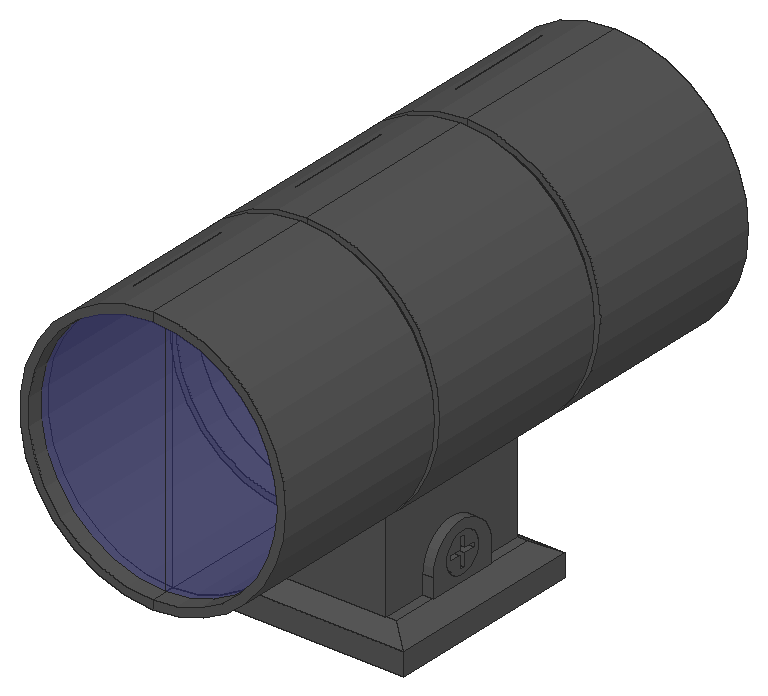
Revit family "CARLO CYLINDER LIGHT WALL MOUNT", category Lighting Fixtures, host Face, Revit 2020 (continued)
Types (10): name | Wattage_Input | Wattage Comments | Wattage | Photometric Web File | built-in parameter 1150142 | Model | built-in parameter 1150105 | Lumens | Light Length 1 | LIGHT RADIUS | LIGHT PLACEMENT | LIGHT LENGTH | LIGHT DIA | built-in parameter 1150106 | FIXED END HEIGHT | Curve base Height | Base Curve | BEAMING ANGLE | Apparent Load
     3.6 3.9118 4.2635 \r\n 4.6585 5.1009 5.5919 6.1326 6.7269 7.3862 8.0893 8.8114 9.5746 10.402 \r\n 11.266 12.138 13.036 13.953 14.934 16.023 17.204 18.448 19.836 21.353 \r\n 23.266 26.04 29.063 31.782 34.478 37.231 40.101 43.014 46.452 49.51 \r\n 56.279 72.625 92.33 109.25 129.04 157.16 188.02 217.08 246.56 277.74 \r\n 308.87 338.56 367.03 394.59 419.52 440.49 456.56 465.07 469.89 474.07 \r\n 477.42 480.85 484.09 487.13 490.06 493.07 495.93 498.32 500.69 503.45 \r\n 506.42 509.55 512.77 515.95 519.26 522.8 526.68 531.1 535.91 540.89 \r\n 546.5 553.11 560.84 569.76 580.32 592.82 607.7 625.18 646.15 671.41 \r\n 701.47 736.73 778.25 825.35 883.58 962.5 1049.4 1129.5 1218.8 1330.6 \r\n 1458.3 1599.9 1755.4 1925 2105 2292.4 2485.4 2681.5 2880 3079.6 \r\n 3279.4 3478.6 3674.6 3865.6 4048.4 4217.9 4377.3 4528.5 4669.9 4800.8 \r\n 4921.1 5031.2 5128.5 5209.9 5277.3 5330.2 5372.2 5407.6 5433.9 5449.8 \r\n 5509.6 \r\n5444.5 5387.8 5336.8 5278.6 5207.2 5115.6 5008.6 4888.9 4756 4610.7 \r\n 4451.1 4273.8 4083.8 3884.2 3677.1 3464.2 3250.2 3042 2835.6 2629.1 \r\n 2423.3 2214.7 2013.6 1828.9 1661.5 1517.3 1389.9 1275.1 1172.4 1079.2 \r\n 996.46 924.45 862.17 809.09 764.13 726.38 694.78 668.23 645.83 626.31 \r\n 609.59 595.18 583.06 573.23 565.12 558.24 552.33 546.92 542.17 538.22 \r\n 534.62 530.93 527.32 523.75 520.38 517.46 514.63 511.56 508.37 505.04 \r\n 501.64 498.23 494.94 492.05 489.3 486.55 483.8 481.12 478.19 474.66 \r\n 470.71 466.69 461.75 456.09 446.93 430.72 410.02 386.12 359.28 329.76 \r\n 298.82 267.85 236.75 205.71 175.22 145.42 117.56 92.508 71.428 56.087 \r\n 45.51 40.366 37.489 33.376 29.702 27.096 25.185 23.937 22.957 21.761 \r\n 20.571 19.464 18.393 17.34 16.299 15.252 14.223 13.229 12.271 11.358 \r\n 10.477 9.6091 8.7791 8.0044 7.287 6.6356 6.0483 5.5308 5.0697 4.6496 \r\n 4.2824 3.9824 3.7264 3.4963 3.2903 3.0998 2.9266 2.7695 2.6288 2.5062 \r\n 2.3962 2.2944 2.1986 2.1028 2.0138 1.9396 1.8701 1.7956 1.7242 1.663 \r\n 1.6051 1.5453 1.4855 1.4254 1.3662 1.3095 1.2542 1.1991 1.1459 1.0973 \r\n 1.0495 0.99873 0.94807 0.89907 0.85278 0.81181 0.773 0.7331 0.69498 0.66186 \r\n 0.62943 0.59317 0.55705 0.52488 0.4927 0.45717 0.42105 0.38738 0.35206 0.31019 \r\n 0.26713 0.22783 0.18858 0.14496 0.10409 0.073494 0.04752 0.020225 0 0 \r\n 0 0 0.00015856 0.0022962 0.016821 0.064157 0.11608 0.14697 0.16945 0.18554 \r\n 0.20145 0.22601 0.25337 0.28022 0.30766 0.33606 0.36423 0.39029 0.41665 0.44594 \r\n 0.47568 0.50798 0.54228 0.5792 0.61736 0.65491 0.69392 0.73636 0.78067 0.82612 \r\n 0.87219 0.91721 0.96393 1.0154 1.0691 1.1244 1.1795 1.231 1.2841 1.3448 \r\n 1.4079 1.4694 1.5324 1.5984 1.6687 1.7441 1.8273 1.9232 2.0258 2.1283 \r\n 2.2387 2.3634 2.5015 2.6511 2.8214 3.0196 3.2489 3.5164 3.8173 4.144 \r\n 4.5122 4.9379 5.4136 5.9352 6.51 7.151 7.8379 8.5483 9.3017 10.12 \r\n 10.974 11.837 12.722 13.62 14.575 15.64 16.784 17.977 19.272 20.589 \r\n 22.305 24.983 27.976 30.768 33.529 36.182 38.949 42.068 45.412 47.442 \r\n 52.63 66.829 84.361 99.657 118.24 145.7 176.23 205.16 234.62 265.66 \r\n 296.76 326.61 355.58 384.2 410.65 433.75 452.06 462.47 468.68 473.21 \r\n 476.54 480.15 483.57 486.77 489.83 492.9 495.79 498.18 500.56 503.39 \r\n 506.41 509.55 512.76 515.94 519.19 522.52 526.14 530.33 534.87 539.47 \r\n 544.64 550.74 557.89 566.19 576 587.57 601.33 617.49 636.95 660.49 \r\n 688.64 721.96 761.16 805.26 859.83 934.23 1016.2 1091.3 1175.5 1281.9 \r\n 1404.3 1541 1691.4 1855.5 2030.6 2215.1 2406.8 2603.4 2803 3002.6 \r\n 3202.4 3402.3 3599.9 3794.6 3981.8 4155.9 4319.7 4474.5 4619.5 4754.1 \r\n 4878.7 4995 5098.9 5185.6 5257.8 5315.1 5361.2 5400.3 5430.2 5450.1 \r\n 5509.6 \r\n5444.5 5379.3 5324.8 5262.4 5186.8 5091.9 4981.9 4859.2 4723.2 4574.9 \r\n 4412.5 4233.4 4041.6 3838.9 3628.8 3414.4 3199.4 2989.5 2781.9 2576 \r\n 2372 2167.1 1970.3 1789.2 1624.9 1482.5 1358.4 1252.3 1158.1 1068.5 \r\n 986.39 911.33 846.14 795.13 753.3 717.06 686.54 661.04 639.54 620.83 \r\n 604.85 591.17 579.67 570.21 562.36 555.69 549.98 544.88 540.39 536.53 \r\n 532.99 529.45 525.97 522.42 519.02 516.08 513.23 510.19 507.06 503.84 \r\n 500.61 497.44 494.39 491.58 488.91 486.34 483.72 480.89 477.76 474.2 \r\n 470.18 466.14 460.58 452.7 440.88 422.38 399.69 374.35 346.49 316.35 \r\n 285.06 253.78 222.56 191.51 161.69 134.32 108.99 84.766 64.453 51.374 \r\n 43.042 38.881 36.481 32.682 29.162 26.676 24.83 23.611 22.629 21.407 \r\n 20.192 19.104 18.059 17.008 15.966 14.926 13.908 12.933 11.994 11.093 \r\n 10.222 9.3652 8.5473 7.7887 7.0888 6.4532 5.883 5.387 4.9475 4.5464 \r\n 4.1936 3.8978 3.6434 3.4194 3.2208 3.0393 2.8747 2.7238 2.5881 2.4693 \r\n 2.3624 2.2631 2.1699 2.0779 1.9922 1.9186 1.8495 1.7772 1.708 1.6479 \r\n 1.5906 1.5314 1.4722 1.413 1.3547 1.2984 1.2433 1.1884 1.1352 1.0857 \r\n 1.0368 0.98473 0.9333 0.88499 0.83971 0.79938 0.76039 0.71831 0.67756 0.64263 \r\n 0.60892 0.57211 0.53589 0.50395 0.47194 0.43687 0.40109 0.36676 0.33141 0.29224 \r\n 0.25239 0.21473 0.17714 0.13731 0.098637 0.062772 0.032639 0.012195 0 0 \r\n 0 0 0.00012592 0 0.010128 0.050584 0.096887 0.12867 0.15367 0.17024 \r\n 0.18612 0.21061 0.23736 0.2622 0.28787 0.3166 0.34567 0.37233 0.39887 0.42715 \r\n 0.45576 0.48624 0.51863 0.55388 0.59088 0.62809 0.66776 0.71285 0.75962 0.80487 \r\n 0.84993 0.89407 0.94033 0.99294 1.0476 1.101 1.1543 1.2063 1.2603 1.3206 \r\n 1.3834 1.4453 1.509 1.5755 1.6457 1.7197 1.801 1.8952 1.9958 2.095 \r\n 2.2023 2.326 2.4627 2.6082 2.7732 2.9665 3.1894 3.4486 3.7378 4.0456 \r\n 4.3943 4.8056 5.2697 5.7839 6.3486 6.9634 7.627 8.339 9.0959 9.8981 \r\n 10.734 11.589 12.469 13.367 14.315 15.343 16.447 17.627 18.893 20.126 \r\n 21.709 24.158 26.955 29.75 32.553 35.179 37.866 40.852 43.959 45.833 \r\n 50.242 61.739 76.616 91.382 109.94 136.7 166.65 195.75 225.45 256.24 \r\n 287.08 316.99 346.28 375.6 403 427.23 446.93 459.4 467.42 472.37 \r\n 475.69 479.46 483.03 486.46 489.73 492.87 495.81 498.34 500.87 503.83 \r\n 506.95 510.15 513.38 516.59 519.79 522.87 526.17 530.05 534.27 538.53 \r\n 543.32 549.03 555.74 563.59 572.86 583.76 596.68 611.78 629.99 652.18 \r\n 678.77 710.25 747.31 789.23 840.66 909.06 985.18 1057.9 1140.2 1242.9 \r\n 1361.2 1493.9 1640.3 1799.9 1970.9 2152.1 2341.8 2539.1 2740 2940 \r\n 3139.9 3339.9 3538.2 3734.7 3924.5 4102.5 4270.6 4429.2 4577.9 4715.8 \r\n 4844 4965.5 5074.5 5165.5 5241.7 5303.5 5353.8 5395.9 5428.5 5451.5 \r\n 5509.6 \r\n5444.5 5370.9 5313 5246.7 5167.2 5069.3 4956.6 4831.2 4692.5 4541.1 \r\n 4376 4195.6 4002.4 3796.7 3583.7 3367.9 3151.9 2940 2731.1 2525.4 \r\n 2323.2 2122.5 1930.4 1752.7 1591.3 1450.5 1329.2 1231.6 1146 1060.4 \r\n 979.42 901.22 832.71 783 743.55 708.56 679.04 654.41 633.68 615.69 \r\n 600.38 587.4 576.47 567.32 559.65 553.14 547.59 542.77 538.54 534.73 \r\n 531.21 527.83 524.51 521 517.6 514.61 511.73 508.71 505.66 502.57 \r\n 499.53 496.63 493.83 491.11 488.49 486.12 483.63 480.62 477.27 473.68 \r\n 469.58 465.43 459.12 448.84 434.23 413.59 389.13 362.48 333.71 303.14 \r\n 271.65 240.11 208.82 177.84 148.77 123.9 101.19 77.852 58.363 47.644 \r\n 41.535 37.94 35.591 32.05 28.728 26.345 24.543 23.33 22.33 21.081 \r\n 19.846 18.77 17.743 16.691 15.648 14.614 13.608 12.652 11.731 10.842 \r\n 9.9798 9.1328 8.3264 7.5837 6.9008 6.28 5.7256 5.2501 4.8316 4.4501 \r\n 4.112 3.8196 3.5656 3.346 3.1537 2.9809 2.8252 2.6806 2.5496 2.4345 \r\n 2.3304 2.2334 2.1426 2.0546 1.9724 1.8994 1.8305 1.7604 1.6934 1.6341 \r\n 1.5771 1.5183 1.4596 1.4014 1.3441 1.2883 1.2336 1.1794 1.1262 1.0754 \r\n 1.0249 0.97194 0.92023 0.87276 0.82848 0.78866 0.7493 0.70481 0.66124 0.62443 \r\n 0.58944 0.55218 0.51603 0.48465 0.45312 0.41853 0.3831 0.3485 0.31345 0.27676 \r\n 0.23983 0.20405 0.16826 0.13162 0.094573 0.053807 0.01978 0.0052152 0 0 \r\n 0 0 0.000085 0 0.0052719 0.037228 0.076151 0.10892 0.13708 0.15478 \r\n 0.17115 0.19551 0.22145 0.24427 0.26816 0.29712 0.32702 0.35434 0.38118 0.40852 \r\n 0.43607 0.46485 0.4954 0.52882 0.56442 0.60109 0.64122 0.6888 0.73794 0.78306 \r\n 0.82722 0.87048 0.91626 0.97006 1.0256 1.0771 1.1284 1.1812 1.2364 1.2963 \r\n 1.3586 1.4214 1.4861 1.5535 1.624 1.6969 1.7765 1.8691 1.9679 2.0645 \r\n 2.1696 2.2933 2.4296 2.572 2.7327 2.9219 3.1393 3.3897 3.6675 3.9597 \r\n 4.2922 4.6898 5.1426 5.6519 6.2086 6.7973 7.4374 8.1532 8.9154 9.6998 \r\n 10.516 11.364 12.244 13.147 14.092 15.084 16.15 17.331 18.587 19.776 \r\n 21.252 23.435 25.984 28.747 31.574 34.187 36.82 39.647 42.564 44.594 \r\n 48.53 57.296 69.512 84.158 103.08 129.08 158.25 187.37 217.22 247.7 \r\n 278.23 308.14 337.66 367.45 395.54 420.52 441.32 455.87 465.82 471.35 \r\n 474.77 478.71 482.43 486.1 489.59 492.8 495.8 498.5 501.22 504.32 \r\n 507.55 510.8 514.05 517.3 520.47 523.33 526.34 529.92 533.83 537.79 \r\n 542.27 547.64 553.99 561.46 570.28 580.6 592.79 606.93 624.02 644.99 \r\n 670.18 699.99 735.1 775.15 823.59 885.6 955.67 1027 1108.6 1208.3 \r\n 1322.6 1451.1 1593.1 1748.3 1915.2 2093 2280.5 2478.1 2680.2 2880.3 \r\n 3080.4 3280.4 3479.1 3676.7 3868.8 4050.4 4222.7 4385.3 4537.9 4679 \r\n 4810.8 4936.8 5050.7 5145.7 5225.9 5292.4 5347 5392 5427.2 5453 \r\n 5509.6 \r\n5444.5 5363.1 5302.2 5232.3 5149.4 5049.1 4934.2 4806.4 4665.3 4511.2 \r\n 4343.7 4162.4 3968.2 3759.8 3544.1 3327.4 3110.6 2896.9 2686.5 2480.9 \r\n 2280.2 2083.5 1896 1721.5 1562.8 1423.1 1304.1 1213.8 1135.7 1054.1 \r\n 974.51 893.61 822.01 773 735.21 701.19 672.52 648.59 628.48 611.09 \r\n 596.35 583.97 573.55 564.64 557.1 550.68 545.23 540.66 536.65 532.83 \r\n 529.3 526.09 522.94 519.48 516.08 513.05 510.13 507.12 504.13 501.2 \r\n 498.36 495.73 493.17 490.54 487.98 485.78 483.39 480.22 476.63 473.03 \r\n 468.82 464.45 457.29 444.58 427.23 404.68 378.71 350.91 321.38 290.53 \r\n 258.98 227.26 195.95 165.14 136.86 114.34 94.095 71.782 53.254 44.83 \r\n 40.77 37.425 34.834 31.495 28.388 26.089 24.313 23.088 22.058 20.785 \r\n 19.533 18.465 17.449 16.397 15.352 14.324 13.328 12.389 11.486 10.607 \r\n 9.7543 8.9169 8.1217 7.3937 6.7265 6.1194 5.5796 5.1227 4.7233 4.3607 \r\n 4.0373 3.7479 3.4937 3.2772 3.0896 2.925 2.7777 2.6389 2.5123 2.4004 \r\n 2.2988 2.2037 2.1149 2.0308 1.952 1.8795 1.8108 1.7429 1.6782 1.6192 \r\n 1.5623 1.5037 1.4455 1.3882 1.3319 1.2767 1.2225 1.1692 1.1164 1.0639 \r\n 1.0116 0.95824 0.90671 0.86015 0.81677 0.77721 0.7373 0.69062 0.64456 0.60607 \r\n 0.57002 0.53259 0.49679 0.46614 0.43524 0.40118 0.36617 0.33161 0.2971 0.26268 \r\n 0.22842 0.19463 0.16065 0.12641 0.090477 0.046 0.0091515 0 0 0 \r\n 0 0 0.000041 0 0.0019851 0.024637 0.055282 0.089263 0.12117 0.14058 \r\n 0.1579 0.18209 0.20708 0.22802 0.25026 0.2793 0.30985 0.33784 0.36504 0.39161 \r\n 0.41827 0.44587 0.47507 0.50687 0.54113 0.57719 0.61759 0.66727 0.71846 0.76354 \r\n 0.80703 0.84967 0.89511 0.94991 1.0061 1.0558 1.1053 1.159 1.2155 1.2749 \r\n 1.3367 1.4005 1.4665 1.5348 1.6057 1.6778 1.7559 1.8468 1.9437 2.0384 \r\n 2.1421 2.266 2.4022 2.5422 2.6993 2.8848 3.0967 3.3381 3.6047 3.8845 \r\n 4.204 4.5882 5.0292 5.5338 6.0831 6.6477 7.2662 7.9854 8.752 9.518 \r\n 10.314 11.159 12.039 12.949 13.893 14.853 15.887 17.074 18.333 19.506 \r\n 20.897 22.802 25.076 27.771 30.596 33.207 35.807 38.466 41.233 43.618 \r\n 47.311 53.486 63.194 78.026 97.54 122.69 150.89 179.77 209.54 239.66 \r\n 269.9 299.82 329.51 359.61 388.14 413.59 435.27 451.85 463.78 470.05 \r\n 473.76 477.9 481.75 485.66 489.35 492.63 495.69 498.57 501.48 504.73 \r\n 508.07 511.35 514.62 517.91 521.07 523.77 526.53 529.84 533.47 537.19 \r\n 541.44 546.54 552.58 559.72 568.14 577.96 589.51 602.79 618.87 638.73 \r\n 662.61 690.88 724.17 762.51 808.12 863.69 927.84 998.69 1080.5 1177.3 \r\n 1287.6 1411.4 1548.5 1699 1861.9 2036.1 2221.1 2418.7 2621.3 2821.5 \r\n 3021.6 3221.6 3420.7 3619.2 3813 3998 4174.5 4341.4 4498.1 4642.6 \r\n 4777.7 4908 5026.4 5125.5 5209.8 5281 5339.9 5387.9 5425.6 5454.3 \r\n 5509.6 \r\n5444.5 5356.4 5293 5220.2 5134.6 5032.4 4915.9 4786.2 4643.2 4487 \r\n 4317.7 4135.7 3940.8 3730.4 3512.8 3295.5 3078.3 2863.2 2651.7 2445.9 \r\n 2246.3 2053.2 1869.6 1697.8 1540.9 1402 1284.5 1199.6 1127.1 1048.8 \r\n 970.64 887.98 814.18 765.45 728.6 695.27 667.26 643.84 624.18 607.23 \r\n 592.92 581.01 570.99 562.25 554.78 548.4 543.01 538.61 534.74 530.88 \r\n 527.3 524.23 521.24 517.85 514.46 511.38 508.41 505.41 502.48 499.69 \r\n 497.05 494.66 492.31 489.77 487.27 485.22 482.91 479.57 475.79 472.16 \r\n 467.82 463.09 454.99 439.97 420.14 395.96 368.77 340.02 309.88 278.92 \r\n 247.43 215.63 184.39 153.85 126.36 105.79 87.666 66.57 49.224 42.869 \r\n 40.531 37.216 34.225 31.035 28.132 25.893 24.127 22.879 21.813 20.521 \r\n 19.258 18.193 17.184 16.13 15.085 14.063 13.076 12.151 11.262 10.394 \r\n 9.5502 8.7228 7.9382 7.2229 6.569 5.9746 5.4483 5.0069 4.6237 4.2785 \r\n 3.9688 3.6824 3.4281 3.2137 3.0296 2.8719 2.7319 2.5978 2.4749 2.3657 \r\n 2.266 2.1724 2.0853 2.0045 1.9288 1.8568 1.7883 1.7226 1.66 1.601 \r\n 1.5436 1.4852 1.4274 1.3709 1.3155 1.2609 1.2072 1.1551 1.103 1.0489 \r\n 0.99484 0.94149 0.89061 0.84493 0.80226 0.76262 0.72202 0.67378 0.62603 0.58636 \r\n 0.54967 0.51258 0.4775 0.44757 0.41726 0.38383 0.34941 0.31512 0.28129 0.24895 \r\n 0.21712 0.18531 0.15301 0.12021 0.08493 0.038753 0.00096561 0 0 0 \r\n 0 0 0 0 0 0.013358 0.035687 0.07128 0.10745 0.12908 \r\n 0.14773 0.17173 0.19572 0.21506 0.23589 0.26482 0.29576 0.32431 0.3519 0.37798 \r\n 0.40404 0.43158 0.4601 0.49087 0.52413 0.55964 0.60014 0.65131 0.70403 0.74919 \r\n 0.79235 0.83484 0.88027 0.93569 0.99217 1.0404 1.0885 1.1431 1.2006 1.2594 \r\n 1.3207 1.3855 1.4528 1.5219 1.5929 1.6643 1.7411 1.8301 1.9251 2.0184 \r\n 2.1213 2.2452 2.3811 2.5188 2.6725 2.854 3.06 3.2918 3.5476 3.8181 \r\n 4.1276 4.4983 4.9264 5.4243 5.9655 6.5099 7.1103 7.8299 8.5972 9.3455 \r\n 10.124 10.965 11.849 12.764 13.707 14.642 15.652 16.844 18.106 19.284 \r\n 20.61 22.248 24.246 26.837 29.623 32.237 34.823 37.321 39.973 42.796 \r\n 46.402 50.294 57.807 73.025 93.216 117.43 144.42 172.68 202.01 231.77 \r\n 261.81 291.76 321.63 351.89 380.69 406.44 428.84 447.3 461.17 468.39 \r\n 472.61 477.01 480.97 485.09 488.97 492.3 495.4 498.45 501.54 504.92 \r\n 508.35 511.65 514.92 518.26 521.43 524.03 526.63 529.73 533.13 536.7 \r\n 540.79 545.68 551.48 558.32 566.36 575.72 586.67 599.19 614.35 633.16 \r\n 655.81 682.6 714.15 750.83 793.73 843.19 901.88 972.83 1055.3 1149.4 \r\n 1255.5 1373.6 1504.8 1650.4 1809 1979.6 2162.1 2358.8 2561.4 2761.3 \r\n 2961.2 3161.4 3360.9 3560.3 3755.7 3944 4124.5 4295.9 4457 4605 \r\n 4743.5 4877.9 5000.6 5104.1 5192.8 5268.6 5331.8 5382.8 5423.3 5455.1 \r\n 5509.6 \r\n5444.5 5350.5 5285.9 5212.3 5126.1 5023.3 4906.4 4776.4 4633.3 4477.2 \r\n 4307.9 4124.8 3929.1 3719.4 3503 3286.7 3070.7 2856.8 2646.1 2439.8 \r\n 2239.6 2047.1 1864.3 1692.6 1535.7 1397.3 1279.6 1191.4 1115.8 1036.8 \r\n 959.64 880.41 810.06 761.96 724.96 691.9 664.16 640.98 621.51 604.58 \r\n 590.27 578.44 568.49 559.81 552.39 546.06 540.68 536.15 532.12 528.12 \r\n 524.46 521.41 518.49 515.19 511.87 508.75 505.73 502.7 499.79 497.11 \r\n 494.59 492.23 489.92 487.52 485.14 483.07 480.7 477.32 473.46 469.77 \r\n 465.13 459.59 450.39 434 412.86 387.88 360.16 330.99 300.66 269.86 \r\n 238.69 207.19 176.34 146.5 119.67 99.136 81.442 62.54 47.499 42.093 \r\n 40.151 36.951 33.918 30.771 27.903 25.675 23.909 22.656 21.584 20.289 \r\n 19.027 17.969 16.968 15.917 14.874 13.858 12.878 11.953 11.068 10.212 \r\n 9.3836 8.5707 7.7982 7.0869 6.437 5.8563 5.344 4.9086 4.5307 4.1965 \r\n 3.8975 3.6172 3.3666 3.1544 2.9717 2.8158 2.6773 2.5443 2.4221 2.3134 \r\n 2.2141 2.1212 2.0349 1.955 1.8802 1.8091 1.7419 1.6786 1.6178 1.5579 \r\n 1.4991 1.4406 1.3831 1.3267 1.2715 1.2173 1.1645 1.1139 1.0632 1.0087 \r\n 0.95433 0.90238 0.85307 0.80812 0.76542 0.72401 0.68221 0.63626 0.59152 0.55317 \r\n 0.51792 0.4842 0.45201 0.42172 0.3907 0.35826 0.32505 0.29098 0.25766 0.22747 \r\n 0.19802 0.16787 0.13651 0.10221 0.067206 0.029272 0 0 0 0 \r\n 0 0 0 0 0 0.0068802 0.024014 0.063672 0.10604 0.13109 \r\n 0.15175 0.17559 0.19856 0.21714 0.23722 0.26545 0.29594 0.32475 0.35328 0.38138 \r\n 0.40982 0.43921 0.46997 0.50275 0.53752 0.57337 0.61357 0.66386 0.71592 0.76166 \r\n 0.80611 0.85094 0.89811 0.95226 1.007 1.0554 1.1041 1.1585 1.2155 1.2733 \r\n 1.3337 1.3989 1.4665 1.5345 1.6041 1.6741 1.7491 1.8347 1.9264 2.0191 \r\n 2.121 2.2414 2.3725 2.5056 2.6532 2.8254 3.0206 3.2398 3.4844 3.7512 \r\n 4.0551 4.4087 4.8153 5.2889 5.8103 6.354 6.9533 7.6512 8.3941 9.1278 \r\n 9.8974 10.742 11.626 12.524 13.451 14.399 15.414 16.563 17.775 18.947 \r\n 20.239 21.738 23.557 25.95 28.579 31.
